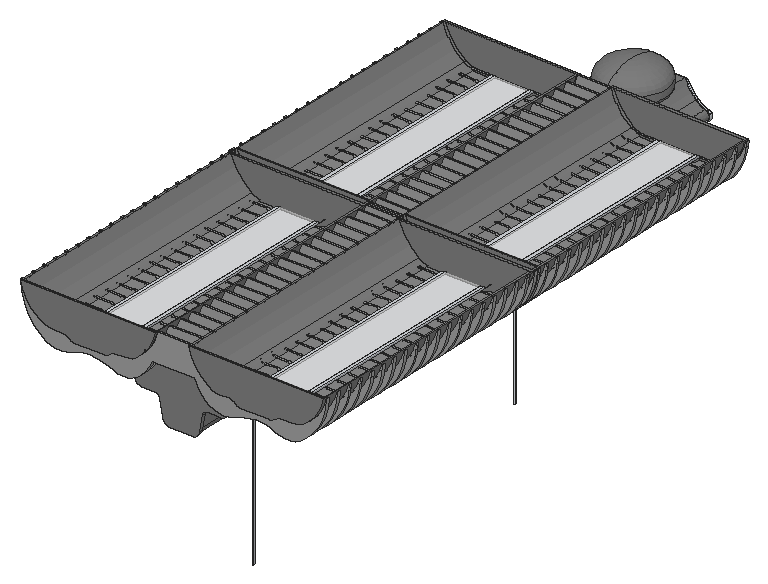
Revit family "0039275 Feilo Sylvania Lighting Fixtures SYLBAY LED 4000K 31KLM WIDE 1-10V PIR", category Lighting Fixtures, host Face, Revit 2017
Family settings
  Host = Face
  Round Connector Dimension = Use Diameter
  Part Type = Normal
  OmniClass Number = 23.80.70.00
  OmniClass Title = Lighting
  Cut with Voids When Loaded = No
  Light Source = Yes
  Shared = No
  Room Calculation Point = No
Parameters (values of type "0039275 SYLBAY LED 4000K 31KLM WIDE 1-10V PIR")
  WireRadius_FEILO = 1 mm
  Weight = "9.25 kg"
  Wattage Comments = "n/a"
  Wattage = 235 W
  WarrantyStartDate [instance] = "n/a"
  WarrantyGuarantorParts = "n/a"
  WarrantyDurationUnit = "n/a"
  WarrantyDurationParts = "n/a"
  WarrantyDescription = "n/a"
  built-in parameter 1150110 = 1 (stored number, unit not read)
  Voltage = 230 V
  URL = "http://www.sylvania-lighting.com"
  TypeName = "SYLBAY LED 4000K 31KLM WIDE 1-10V PIR"
  Type Image = <None>
  Type Comments = "n/a"
  built-in parameter 1114217 = 1 (stored number, unit not read)
  Tilt Angle = -90.00°
  built-in parameter 1150109 = 1 (stored number, unit not read)
  built-in parameter 1150134 = 12
  SuspensionHeight_FEILO [instance] = if(SurfaceMounted_FEILO, 107 mm, SuspensionHeightEntry_FEILO)  # 300 mm
  SuspensionHeightEntry_FEILO [instance] = 300 mm
  SurfaceMounted_FEILO [instance] = no
  built-in parameter 1150113 = 1 (stored number, unit not read)
  SerialNumber [instance] = "n/a"
  ReflectorMaterial = none
  PowerFactor = 0
  PowerConsumption = "235 W"
  Photometric Web File = "0039275.ies"
  NominalLength = 750 mm
  NominalHeight = 105 mm
  NominalDepth = 375 mm
  Name = "SYLBAY LED 4000K 31KLM WIDE 1-10V PIR"
  ModelReference = "SYLBAY LED 4000K 31KLM WIDE 1-10V PIR"
  ModelNumber = "0039275"
  Model = "SYLBAY LED 4000K 31KLM WIDE 1-10V PIR"
  Material = "aluminium housing"
  ManufacturerName = "Feilo Sylvania"
  Manufacturer = "Feilo Sylvania"
  LuminousEfficacy = "132.47 lm/W"
  built-in parameter 1150105 = 18309.6 (stored number, unit not read)
  Lumens = 31130.5 lm
  LuminaireType = ""
  built-in parameter 1150115 = 1 (stored number, unit not read)
  LightOutputRatio = "100"
  built-in parameter 1150137 = (empty or 0)
  built-in parameter 1150139 = (empty or 0)
  LampsType = Lamp  # "LED"
  LampNominalLuminous = "31130 lm"
  LampMacAdamStep = "n/a"
  LampColourTemperature = "4000 K"
  LampColourRenderingIndex = "80"
  built-in parameter 1150112 = 1 (stored number, unit not read)
  built-in parameter 1150114 = 1 (stored number, unit not read)
  Lamp = "LED"
  Keynote = "16500"
  InstallationDate [instance] = "n/a"
  InputVoltage = "220-240V~"
  InputNominalFrequency = "50/60 Hz"
  built-in parameter 1150132 = (empty or 0)
  built-in parameter 1150102 = (empty or 0)
  built-in parameter 1150107 = 4000 (stored number, unit not read)
  built-in parameter 1150138 = (empty or 0)
  IngressProtection = "IP65"
  ImpactProtectionIndex = "IK08"
  built-in parameter 1150106 = 183.1 (stored number, unit not read)
  IfcExportType = "IfcLightFixtureType"
  IfcExportAs = "IfcLightFixtureType"
  ExpectedLife = 50000
  Emit from Rectangle Width = 365 mm
  Emit from Rectangle Length = 645 mm
  Emit Shape Visible in Rendering = no
  ElectricShockClassification = "Class I"
  built-in parameter 1150104 = 12.307 (stored number, unit not read)
  DurationUnit = "hours"
  DocumentationLiterature = "http://www.sylvania-lighting.com/product/en-int/products/0039275"
  DimmingControlOptions = "Dimmable"
  Dimming Lamp Color Temperature Shift = <None>
  DiffuserMaterial = Diffuser-Sylvania-Sylbay-Transparent
  Description = "Specification industrial high bay luminaire, robust and durable, slim design, high output and efficiency, lightweight, aluminium housing with shatter-resistant polycarbonate lens optic, 31,100 lumens, 235W, 132lm/W, 4000K, 1750mA (x2), CRI 80, wide beam optic, 1-10V dimmable, integral PIR sensor with daylight/occupancy detection, IP65, IK08, 100,000 hrs (L90B10), (LxWxH) 665x375x105mm, 3 step MacAdam ellipse, 8.9kg, aluminium finish, Class 1, 220-240V, integrated LED, energy class: A++, A+, A."
  Default Elevation = 1219.2 mm
  CreatedOn = "17/11/2017"
  CreatedBy = ""
  Cost = 0
  Color Filter = 16777215
  built-in parameter 1114216 [instance] = (empty or 0)
  BodyMaterial = Body-Sylvania-Sylbay-Aluminium
  BarCode [instance] = "n/a"
  built-in parameter 1114218 = 1 (stored number, unit not read)
  built-in parameter 1150133 = 10 (stored number, unit not read)
  AssetType = "Fixed"
  AssetIdentifier [instance] = "n/a"
  Assembly Code = "D5020200"
  Apparent Load = 235 VA
  AccessoryMaterial = Accesory-Sylvania-Sylbay-White
Reference planes
  plane 1 "Center (Front/Back)": y = 0
  plane 2: z = 0
  plane 3 "Center (Left/Right)": x = 0
  plane 4: z = 300
  plane 5: y = -307
  plane 6: y = 200
  plane 7: y = -200
  plane 8: z = 237.522
  plane 9: z = 246.272
  plane 10: z = 227.522
  plane 11: z = 266.272
  plane 12: z = 256.272
  plane 13: z = 262.272
  plane 14: y = 427
  plane 15: y = -1
  plane 16: y = 1
  plane 17: y = -310
  plane 18: y = 430
  plane 19: z = 195
  plane 20: z = 193
  plane 21: y = 330
  plane 22: y = 380
  plane 23: y = 340
  plane 24: y = 420
  plane 25: z = 278.272
  plane 26: y = 341
  plane 27: y = 419
Forms (mm)
  Extrusion 1, solid, material "Accesory-Sylvania-Sylbay-White" <- "AccessoryMaterial"
    sketch origin (0, 0, 0) x (1, 0, 0) y (0, 0, 1)
      loop
        arc (-39.258, 246.272) -> (-44.534, 242.283) -> (-50.507, 239.445) r 32.519
        arc (-50.507, 239.445) -> (-54.463, 232.388) -> (-48, 227.522) r 6.147
        line (-48, 227.522) -> (-32.102, 227.522)
        arc (-32.102, 227.522) -> (-26.92, 225.616) -> (-24.206, 220.808) r 8
        line (-24.206, 220.808) -> (-21.094, 201.713)
        arc (-21.094, 201.713) -> (-18.38, 196.905) -> (-13.198, 195) r 8
        line (-13.198, 195) -> (13.198, 195)
        arc (13.198, 195) -> (18.393, 196.916) -> (21.099, 201.746) r 8
        line (21.099, 201.746) -> (24.206, 220.808)
        arc (24.206, 220.808) -> (26.92, 225.616) -> (32.102, 227.522) r 8
        line (32.102, 227.522) -> (48, 227.522)
        arc (48, 227.522) -> (54.463, 232.388) -> (50.507, 239.445) r 6.147
        arc (50.507, 239.445) -> (44.534, 242.283) -> (39.258, 246.272) r 32.519
        arc (39.258, 246.272) -> (31.199, 255.531) -> (25.254, 266.272) r 58.361
        line (25.254, 266.272) -> (-25.254, 266.272)
        arc (-25.254, 266.272) -> (-31.199, 255.531) -> (-39.258, 246.272) r 58.361
    from -427 to 307
  Extrusion 2, solid, material "Body-Sylvania-Sylbay-Aluminium" <- "BodyMaterial", detail levels medium+fine
    sketch origin (0, 0, 0) x (1, 0, 0) y (0, 0, 1)
      loop
        arc (-32.102, 225.522) -> (-28.215, 224.093) -> (-26.18, 220.487) r 6
        line (-26.18, 220.487) -> (-23.068, 201.392)
        arc (-23.068, 201.392) -> (-19.676, 195.381) -> (-13.198, 193) r 10
        line (-13.198, 193) -> (13.198, 193)
        arc (13.198, 193) -> (19.69, 195.393) -> (23.074, 201.428) r 10
        line (23.074, 201.428) -> (26.18, 220.487)
        arc (26.18, 220.487) -> (28.215, 224.093) -> (32.102, 225.522) r 6
        line (32.102, 225.522) -> (47.932, 225.522)
        arc (47.932, 225.522) -> (54.718, 228.451) -> (56.343, 235.661) r 8.147
        arc (56.343, 235.661) -> (55.292, 237.506) -> (53.445, 238.553) r 4
        arc (53.445, 238.553) -> (45.865, 241.518) -> (39.258, 246.272) r 32.519
        arc (39.258, 246.272) -> (32.89, 253.237) -> (27.728, 261.137) r 58.361
        arc (27.728, 261.137) -> (25.523, 263.429) -> (22.456, 264.272) r 6
        line (22.456, 264.272) -> (-22.456, 264.272)
        arc (-22.456, 264.272) -> (-25.523, 263.429) -> (-27.728, 261.137) r 6
        arc (-27.728, 261.137) -> (-32.89, 253.237) -> (-39.258, 246.272) r 58.361
        arc (-39.258, 246.272) -> (-45.865, 241.518) -> (-53.445, 238.553) r 32.519
        arc (-53.445, 238.553) -> (-55.292, 237.506) -> (-56.343, 235.661) r 4
        arc (-56.343, 235.661) -> (-54.718, 228.451) -> (-47.932, 225.522) r 8.147
        line (-47.932, 225.522) -> (-32.102, 225.522)
    from 307 to 310
  Extrusion 3, solid, detail levels medium+fine
    sketch origin (0, 0, 0) x (1, 0, 0) y (0, 0, 1)
      loop
        line (-47.932, 225.522) -> (-32.102, 225.522)
        arc (-32.102, 225.522) -> (-28.215, 224.093) -> (-26.18, 220.487) r 6
        line (-26.18, 220.487) -> (-23.068, 201.392)
        arc (-23.068, 201.392) -> (-19.676, 195.381) -> (-13.198, 193) r 10
        line (-13.198, 193) -> (13.198, 193)
        arc (13.198, 193) -> (19.69, 195.393) -> (23.074, 201.428) r 10
        line (23.074, 201.428) -> (26.18, 220.487)
        arc (26.18, 220.487) -> (28.215, 224.093) -> (32.102, 225.522) r 6
        line (32.102, 225.522) -> (47.932, 225.522)
        arc (47.932, 225.522) -> (54.718, 228.451) -> (56.343, 235.661) r 8.147
        arc (56.343, 235.661) -> (55.292, 237.506) -> (53.445, 238.553) r 4
        arc (53.445, 238.553) -> (45.865, 241.518) -> (39.258, 246.272) r 32.519
        arc (39.258, 246.272) -> (32.89, 253.237) -> (27.728, 261.137) r 58.361
        arc (27.728, 261.137) -> (25.523, 263.429) -> (22.456, 264.272) r 6
        line (22.456, 264.272) -> (-22.456, 264.272)
        arc (-22.456, 264.272) -> (-25.523, 263.429) -> (-27.728, 261.137) r 6
        arc (-27.728, 261.137) -> (-32.89, 253.237) -> (-39.258, 246.272) r 58.361
        arc (-39.258, 246.272) -> (-45.865, 241.518) -> (-53.445, 238.553) r 32.519
        arc (-53.445, 238.553) -> (-55.292, 237.506) -> (-56.343, 235.661) r 4
        arc (-56.343, 235.661) -> (-54.718, 228.451) -> (-47.932, 225.522) r 8.147
    from -430 to -427
  Extrusion 4, solid
    sketch origin (-316.531, -4572, 195) x (-1, 0, 0) y (0, -1, 0)
      loop
        circle (-316.531, -4772) r 1
      loop
        circle (-316.531, -4372) r 1
    from 0 to -195
  Revolve 5, solid, material "Body-Sylvania-Sylbay-Aluminium" <- "BodyMaterial"
    sketch origin (0, 0, 0) x (0, 1, 0) y (0, 0, 1)
      loop
        arc (340.771, 269.022) -> (341.729, 267.064) -> (343.76, 266.272) r 3
        line (343.76, 266.272) -> (380, 266.272) -> (380, 278.272) -> (340, 278.272) -> (340.771, 269.022)
      axis (380, 266.272) -> (380, 278.272)
    angle from 360 to 0
  Revolve 6, solid, material "Accesory-Sylvania-Sylbay-White" <- "AccessoryMaterial"
    sketch origin (0, 0, 0) x (0, 1, 0) y (0, 0, 1)
      loop
        line (340, 278.272) -> (380, 278.272) -> (380, 300)
        spline (380, 300) -> (374.779, 299.814) -> (369.647, 299.26) -> (364.693, 298.346) -> (360, 297.089) -> (355.65, 295.51) -> (351.716, 293.636) -> (348.266, 291.499) -> (345.359, 289.136) -> (343.045, 286.587) -> (341.363, 283.895) -> (340.342, 281.108) -> (340, 278.272)
      axis (380, 278.272) -> (380, 300)
    angle from 360 to 0
Dimensions and locks
  "SuspensionHeight_FEILO": plane 4 to plane 2
  equal spacing: plane 7, plane 1 "Center (Front/Back)", plane 6
  locked: plane 1 "Center (Front/Back)" to plane 6 at 200
  locked: plane 4 to plane 8 at 62.478
  locked: plane 4 to plane 9 at 53.728
  plane 4 to plane 10 = 72.478 mm
  locked: plane 4 to plane 11 at 33.728
  locked: plane 12 to plane 9 at 10
  locked: plane 13 to plane 12 at 6
  locked: plane 3 "Center (Left/Right)" to Extrusion 1 sketch curve at 48.447
  locked: Extrusion 1 sketch curve to plane 3 "Center (Left/Right)" at 48.447
  locked: plane 4 to Extrusion 1 sketch curve at 66.347  (x2)
  Extrusion 1 sketch curve to plane 3 "Center (Left/Right)" to Extrusion 1 sketch curve = 13.198 mm locked, 13.198 mm locked
  Extrusion 1 sketch curve to plane 3 "Center (Left/Right)" to Extrusion 1 sketch curve = 32.102 mm locked, 32.102 mm locked
  locked: plane 4 to Extrusion 1 sketch curve at 97  (x2)
  locked: plane 4 to Extrusion 1 sketch curve at 80.478  (x2)
  equal spacing: plane 15, plane 1 "Center (Front/Back)", plane 16
  locked: plane 10 to Extrusion 2 sketch curve at 2
  plane 10 to Extrusion 2 sketch curve = 2 mm
  locked: Extrusion 2 sketch curve to Extrusion 1 at 2  (x2)
  locked: Extrusion 2 sketch curve to plane 3 "Center (Left/Right)" at 52.466
  locked: plane 3 "Center (Left/Right)" to Extrusion 2 sketch curve at 52.466
  locked: plane 4 to Extrusion 2 sketch curve at 65.325  (x2)
  locked: plane 4 to Extrusion 2 sketch curve at 41.728  (x2)
  locked: plane 3 "Center (Left/Right)" to Extrusion 2 sketch curve at 22.456
  locked: Extrusion 2 sketch curve to plane 3 "Center (Left/Right)" at 22.456
  locked: plane 4 to plane 19 at 105
  locked: plane 19 to plane 20 at 2
  locked: plane 1 "Center (Front/Back)" to plane 18 at 430
  locked: plane 14 to plane 18 at 3
  locked: plane 17 to plane 1 "Center (Front/Back)" at 310
  locked: plane 17 to plane 5 at 3
  locked: plane 21 to plane 18 at 100
  locked: plane 21 to plane 22 at 50
  equal spacing: plane 23, plane 22, plane 24
  locked: plane 23 to plane 22 at 40
  equal spacing: plane 26, plane 22, plane 27
  locked: plane 23 to plane 26 at 1
  locked: plane 25 to plane 11 at 12
  locked: Revolve 5 sketch curve to plane 11 at 3
  locked: Revolve 5 sketch curve to plane 22 at 36.24
  locked: plane 1 "Center (Front/Back)" to plane 16 at 1
  "WireRadius_FEILO": radius of Extrusion 4 sketch curve  (x2)
  aligned and locked: plane 2 to host face
  aligned and locked: level to host face
  aligned and locked: plane 10 to Extrusion 1 sketch curve
  aligned and locked: plane 5 to Extrusion 1
  aligned and locked: Extrusion 1 to plane 14
  aligned and locked: imposter light to plane 4
  aligned and locked: plane 3 "Center (Left/Right)" to imposter light
  aligned and locked: plane 1 "Center (Front/Back)" to imposter light
  aligned and locked: plane 17 to Extrusion 2
  aligned and locked: Extrusion 2 to plane 5
  aligned and locked: Extrusion 3 sketch curve to Extrusion 2  (x15)
  aligned and locked: Extrusion 3 to Extrusion 1
  aligned and locked: Extrusion 3 to plane 18
  aligned and locked: Extrusion 1 sketch curve to plane 19
  aligned and locked: plane 7 to Extrusion 4 sketch curve
  aligned and locked: plane 3 "Center (Left/Right)" to Extrusion 4 sketch curve  (x2)
  aligned and locked: plane 6 to Extrusion 4 sketch curve
  aligned and locked: Extrusion 1 to Extrusion 4
  aligned and locked: Extrusion 4 to level
  aligned and locked: plane 20 to Extrusion 2 sketch curve
  aligned and locked: Revolve 5 sketch curve to plane 11
  aligned and locked: Revolve 5 sketch curve to plane 22  (x2)
  aligned and locked: Revolve 5 sketch curve to plane 25
  aligned and locked: Revolve 6 sketch curve to plane 22  (x2)
  aligned and locked: Revolve 6 sketch curve to Revolve 5
  aligned and locked: plane 4 to Revolve 6 sketch curve
  aligned and locked: plane 22 to Revolve 6 sketch curve
  aligned and locked: plane 3 "Center (Left/Right)" to nested 1
  aligned and locked: plane 3 "Center (Left/Right)" to nested 22
  aligned and locked: plane 15 to nested 1
  aligned and locked: plane 16 to nested 22
Automatic sketch dimensions
  host sketch curve to host sketch curve = 2438.4 mm  (x2)
  Extrusion 1 sketch curve to plane 9 = 0 mm  (x4)
  Extrusion 1 sketch curve to plane 10 = 0 mm
  plane 11 to Extrusion 1 sketch curve = 3.811 mm
  Extrusion 1 sketch curve to Extrusion 1 sketch curve = 36.151 mm  (x2)
  Extrusion 1 sketch curve to plane 4 = 10.994 mm  (x2)
  Extrusion 1 sketch curve to plane 11 = 0 mm
  plane 9 to Extrusion 1 sketch curve = 23.811 mm
  Extrusion 1 sketch curve to plane 10 = 6.713 mm  (x2)
  plane 19 to Extrusion 1 sketch curve = 6.713 mm
  Extrusion 3 sketch curve to plane 10 = 7.035 mm  (x2)
  plane 19 to Extrusion 3 sketch curve = 6.392 mm
  plane 19 to Extrusion 1 sketch curve = 6.746 mm
  plane 19 to Extrusion 3 sketch curve = 6.428 mm
  plane 3 "Center (Left/Right)" to Extrusion 1 sketch curve = 25.254 mm
  Extrusion 1 sketch curve to Extrusion 1 sketch curve = 0.447 mm  (x2)
  Extrusion 1 sketch curve to Extrusion 1 sketch curve = 12.959 mm
  Extrusion 2 sketch curve to plane 9 = 0 mm  (x4)
  plane 11 to Extrusion 2 sketch curve = 3.811 mm  (x2)
  Extrusion 2 sketch curve to Extrusion 2 sketch curve = 8.939 mm  (x2)
  Extrusion 2 sketch curve to plane 4 = 10.994 mm  (x2)
  Extrusion 2 sketch curve to Extrusion 2 sketch curve = 17.6 mm  (x2)
  Extrusion 2 sketch curve to Extrusion 2 sketch curve = 4.02 mm  (x2)
  Extrusion 2 sketch curve to Extrusion 2 sketch curve = 0.514 mm
  Extrusion 2 sketch curve to plane 10 = 8 mm
  Extrusion 2 sketch curve to plane 10 = 7.035 mm  (x2)
  plane 19 to Extrusion 2 sketch curve = 6.392 mm
  plane 19 to Extrusion 2 sketch curve = 8 mm
  plane 3 "Center (Left/Right)" to Extrusion 2 sketch curve = 13.198 mm
  plane 19 to Extrusion 2 sketch curve = 6.428 mm
  Extrusion 2 sketch curve to Extrusion 2 sketch curve = 5.922 mm
  Extrusion 2 sketch curve to Extrusion 2 sketch curve = 4.534 mm
  Extrusion 2 sketch curve to plane 8 = 3.869 mm  (x2)
  Extrusion 2 sketch curve to plane 11 = 2 mm
  Extrusion 2 sketch curve to Extrusion 2 sketch curve = 0 mm  (x2)
  Revolve 6 sketch curve to plane 23 = 0 mm
  Revolve 6 sketch curve to level = 309.6 mm
  plane 4 to Revolve 6 sketch curve = 2138.4 mm
  Revolve 5 sketch curve to plane 23 = 0 mm
  plane 26 to Revolve 5 sketch curve = 0.229 mm
  Revolve 5 sketch curve to level = 309.6 mm
  plane 4 to Revolve 5 sketch curve = 2138.4 mm
Nested families
  nested 1: "SylbayBody" at (0, 159, 266.272), type "SylbayBody"
  nested 2: "SlybayRib" at (0, 303.453, 300), type "SylbayRib"
  nested 3: "SlybayRib" at (0, 286.406, 300), type "SylbayRib"
  nested 4: "SlybayRib" at (0, 269.358, 300), type "SylbayRib"
  nested 5: "SlybayRib" at (0, 252.311, 300), type "SylbayRib"
  nested 6: "SlybayRib" at (0, 235.264, 300), type "SylbayRib"
  nested 7: "SlybayRib" at (0, 218.217, 300), type "SylbayRib"
  nested 8: "SlybayRib" at (0, 201.169, 300), type "SylbayRib"
  nested 9: "SlybayRib" at (0, 184.122, 300), type "SylbayRib"
  nested 10: "SlybayRib" at (0, 320.5, 300), type "SylbayRib"
  nested 11: "SlybayRib" at (0, 14.547, 300), type "SylbayRib"
  nested 12: "SlybayRib" at (0, 31.594, 300), type "SylbayRib"
  nested 13: "SlybayRib" at (0, 48.642, 300), type "SylbayRib"
  nested 14: "SlybayRib" at (0, 65.689, 300), type "SylbayRib"
  nested 15: "SlybayRib" at (0, 82.736, 300), type "SylbayRib"
  nested 16: "SlybayRib" at (0, 99.783, 300), type "SylbayRib"
  nested 17: "SlybayRib" at (0, 116.831, 300), type "SylbayRib"
  nested 18: "SlybayRib" at (0, 133.878, 300), type "SylbayRib"
  nested 19: "SlybayRib" at (0, -2.5, 300), type "SylbayRib"
  nested 20: "SlybayRib" at (0, 167.075, 300), type "SylbayRib"
  nested 21: "SlybayRib" at (0, 150.925, 300), type "SylbayRib"
  nested 22: "SylbayBody" at (0, -159, 266.272), type "SylbayBody"
  nested 23: "SlybayRib" at (0, -14.547, 300), type "SylbayRib"
  nested 24: "SlybayRib" at (0, -31.594, 300), type "SylbayRib"
  nested 25: "SlybayRib" at (0, -48.642, 300), type "SylbayRib"
  nested 26: "SlybayRib" at (0, -65.689, 300), type "SylbayRib"
  nested 27: "SlybayRib" at (0, -82.736, 300), type "SylbayRib"
  nested 28: "SlybayRib" at (0, -99.783, 300), type "SylbayRib"
  nested 29: "SlybayRib" at (0, -116.831, 300), type "SylbayRib"
  nested 30: "SlybayRib" at (0, -133.878, 300), type "SylbayRib"
  nested 31: "SlybayRib" at (0, 2.5, 300), type "SylbayRib"
  nested 32: "SlybayRib" at (0, -303.453, 300), type "SylbayRib"
  nested 33: "SlybayRib" at (0, -286.406, 300), type "SylbayRib"
  nested 34: "SlybayRib" at (0, -269.358, 300), type "SylbayRib"
  nested 35: "SlybayRib" at (0, -252.311, 300), type "SylbayRib"
  nested 36: "SlybayRib" at (0, -235.264, 300), type "SylbayRib"
  nested 37: "SlybayRib" at (0, -218.217, 300), type "SylbayRib"
  nested 38: "SlybayRib" at (0, -201.169, 300), type "SylbayRib"
  nested 39: "SlybayRib" at (0, -184.122, 300), type "SylbayRib"
  nested 40: "SlybayRib" at (0, -320.5, 300), type "SylbayRib"
  nested 41: "SlybayRib" at (0, -150.925, 300), type "SylbayRib"
  nested 42: "SlybayRib" at (0, -167.075, 300), type "SylbayRib"
Connectors
  electrical at (0, 0, 0), driven by "Apparent Load"
    settings: index 1, voltage 230 V, apparent load 235 VA, apparent load phase1 0 VA, apparent load phase2 0 VA, apparent load phase3 0 VA, power factor 0, load classification "Lighting", number of poles 1, system type 30, power factor state 1, is connector primary yes, connector utility no, sub classification motor no, connector description ""
Definition of nested family "SylbayBody"
  Parameters (values of type "SylbayBody")
    URL = "http://www.feilosylvania.com"
    Type Image = (empty or 0)
    Type Comments = "n/a"
    RibLast_FEILO = 161.5 mm
    RibDistance_FEILO = RibLast_FEILO / 10  # 16.15 mm
    ReflectorMaterial = none
    Model = ""
    Manufacturer = "Feilo Sylvania"
    Keynote = ""
    DiffuserMaterial = none
    Description = "n/a"
    Default Elevation = 1219.2 mm
    Cost = 0
    BodyMaterial = none
    Assembly Code = "D5020200"
    AccessoryMaterial = none
  Reference planes
    plane 1 "Center (Front/Back)": y = 0
    plane 2: z = 0
    plane 3 "Center (Left/Right)": x = 0
    plane 4: x = -187.5
    plane 5: x = 187.5
    plane 6: z = 33.728
    plane 7: y = -165
    plane 8: y = 165
    plane 9: y = -148
    plane 10: y = 160
    plane 11: y = -160
    plane 12: z = -28.75
    plane 13: z = -20
    plane 14: x = -102.75
    plane 15: x = 102.75
    plane 16: z = 0
    plane 17: x = -185.5
    plane 18: x = -20
    plane 19: z = -10
    plane 20: x = -122.75
    plane 21: x = -82.75
    plane 22: z = -4
    plane 23: x = -130.75
    plane 24: x = -74.75
    plane 25: x = -145.75
    plane 26: x = -59.75
    plane 27: x = -25.3
    plane 28: x = -183.5
    plane 29: x = -22
    plane 30: y = -163
    plane 31: y = 163
    plane 32: x = 25.3
    plane 33: x = -48
    plane 34: x = 48
    plane 35: x = 20
    plane 36: y = 148
    plane 37: y = -161.5
    plane 38: y = 161.5
    plane 39: y = -8.075
    plane 40: y = 8.075
    plane 41: y = -151
    plane 42: y = 151
    plane 43: y = 149
    plane 44: y = 152
    plane 45: z = -2
    plane 46: z = 0
  Forms (mm)
    Extrusion 1, solid
      sketch origin (4.2, 0, 0) x (1, 0, 0) y (0, 1, 0)
        loop
          line (-1219.2, 1219.2) -> (-1219.2, -1219.2) -> (1219.2, -1219.2) -> (1219.2, 1219.2) -> (-1219.2, 1219.2)
      from 0 to -304.8
    Extrusion 2, solid, material <- "BodyMaterial", detail levels coarse+medium
      sketch origin (0, 0, -234.25) x (1, 0, 0) y (0, 0, 1)
        loop
          arc (-187.5, 267.978) -> (-180.003, 237.85) -> (-159.829, 214.25) r 67.598
          arc (-159.829, 214.25) -> (-143.258, 206.411) -> (-125.169, 209.379) r 30.791
          arc (-125.169, 209.379) -> (-113.533, 213.402) -> (-101.25, 214.25) r 46.777
          arc (-101.25, 214.25) -> (-87.202, 212.214) -> (-73.664, 207.942) r 87.865
          arc (-73.664, 207.942) -> (-55.541, 206.076) -> (-39.258, 214.25) r 32.519
          arc (-39.258, 214.25) -> (-31.199, 223.509) -> (-25.254, 234.25) r 58.361
          line (-25.254, 234.25) -> (25.254, 234.25)
          arc (25.254, 234.25) -> (31.199, 223.509) -> (39.258, 214.25) r 58.361
          arc (39.258, 214.25) -> (55.541, 206.076) -> (73.664, 207.942) r 32.519
          arc (73.664, 207.942) -> (87.202, 212.214) -> (101.25, 214.25) r 87.865
          arc (101.25, 214.25) -> (113.533, 213.402) -> (125.169, 209.379) r 46.777
          arc (125.169, 209.379) -> (143.258, 206.411) -> (159.829, 214.25) r 30.791
          arc (159.829, 214.25) -> (180.003, 237.85) -> (187.5, 267.978) r 67.598
          line (187.5, 267.978) -> (185.5, 267.978)
          arc (185.5, 267.978) -> (176.042, 248.665) -> (160.084, 234.25) r 56.823
          arc (160.084, 234.25) -> (153.191, 231.269) -> (145.75, 230.25) r 27.682
          line (145.75, 230.25) -> (132.583, 230.25)
          arc (132.583, 230.25) -> (129.421, 229.737) -> (126.583, 228.25) r 10
          line (126.583, 228.25) -> (123.917, 226.25)
          arc (123.917, 226.25) -> (121.079, 224.763) -> (117.917, 224.25) r 10
          line (117.917, 224.25) -> (84.583, 224.25)
          arc (84.583, 224.25) -> (81.421, 224.763) -> (78.583, 226.25) r 10
          line (78.583, 226.25) -> (75.917, 228.25)
          arc (75.917, 228.25) -> (73.079, 229.737) -> (69.917, 230.25) r 10
          line (69.917, 230.25) -> (58.25, 230.25)
          arc (58.25, 230.25) -> (51.55, 231.273) -> (45.461, 234.25) r 22.443
          arc (45.461, 234.25) -> (30.027, 249.073) -> (20, 267.978) r 67.602
          line (20, 267.978) -> (-20, 267.978)
          arc (-20, 267.978) -> (-30.027, 249.073) -> (-45.461, 234.25) r 67.602
          arc (-45.461, 234.25) -> (-51.55, 231.273) -> (-58.25, 230.25) r 22.443
          line (-58.25, 230.25) -> (-69.917, 230.25)
          arc (-69.917, 230.25) -> (-73.079, 229.737) -> (-75.917, 228.25) r 10
          line (-75.917, 228.25) -> (-78.583, 226.25)
          arc (-78.583, 226.25) -> (-81.421, 224.763) -> (-84.583, 224.25) r 10
          line (-84.583, 224.25) -> (-117.917, 224.25)
          arc (-117.917, 224.25) -> (-121.079, 224.763) -> (-123.917, 226.25) r 10
          line (-123.917, 226.25) -> (-126.583, 228.25)
          arc (-126.583, 228.25) -> (-129.421, 229.737) -> (-132.583, 230.25) r 10
          line (-132.583, 230.25) -> (-145.75, 230.25)
          arc (-145.75, 230.25) -> (-153.191, 231.269) -> (-160.084, 234.25) r 27.682
          arc (-160.084, 234.25) -> (-176.042, 248.665) -> (-185.5, 267.978) r 56.823
          line (-185.5, 267.978) -> (-187.5, 267.978)
      from 160 to -160
    Extrusion 3, solid, material <- "BodyMaterial"
      sketch origin (0, 0, -234.25) x (1, 0, 0) y (0, 0, 1)
        loop
          arc (-145.75, 230.25) -> (-152.168, 231.276) -> (-157.947, 234.25) r 20.597
          arc (-157.947, 234.25) -> (-173.175, 249.257) -> (-183.5, 267.978) r 74.319
          line (-183.5, 267.978) -> (-185.5, 267.978)
          arc (-185.5, 267.978) -> (-176.042, 248.665) -> (-160.084, 234.25) r 56.823
          arc (-160.084, 234.25) -> (-153.191, 231.269) -> (-145.75, 230.25) r 27.682
        loop
          arc (-45.461, 234.25) -> (-30.027, 249.073) -> (-20, 267.978) r 67.602
          line (-20, 267.978) -> (-22, 267.978)
          arc (-22, 267.978) -> (-31.964, 249.398) -> (-46.63, 234.25) r 76.357
          arc (-46.63, 234.25) -> (-52.105, 231.278) -> (-58.25, 230.25) r 18.878
          arc (-58.25, 230.25) -> (-51.55, 231.273) -> (-45.461, 234.25) r 22.443
        loop
          arc (145.75, 230.25) -> (153.191, 231.269) -> (160.084, 234.25) r 27.682
          arc (160.084, 234.25) -> (176.042, 248.665) -> (185.5, 267.978) r 56.823
          line (185.5, 267.978) -> (183.5, 267.978)
          arc (183.5, 267.978) -> (173.175, 249.257) -> (157.947, 234.25) r 74.319
          arc (157.947, 234.25) -> (152.168, 231.276) -> (145.75, 230.25) r 20.597
        loop
          arc (45.461, 234.25) -> (51.55, 231.273) -> (58.25, 230.25) r 22.443
          arc (58.25, 230.25) -> (52.105, 231.278) -> (46.63, 234.25) r 18.878
          arc (46.63, 234.25) -> (31.964, 249.398) -> (22, 267.978) r 76.357
          line (22, 267.978) -> (20, 267.978)
          arc (20, 267.978) -> (30.027, 249.073) -> (45.461, 234.25) r 67.602
      from -160 to 160
    Extrusion 4, solid, material <- "BodyMaterial"
      sketch origin (0, -165, -843.85) x (0, 0, -1) y (1, 0, 0)
        loop
          arc (-837.85, -132.583) -> (-837.439, -130.054) -> (-836.25, -127.783) r 8
          line (-836.25, -127.783) -> (-834.25, -125.117)
          arc (-834.25, -125.117) -> (-832.466, -121.711) -> (-831.85, -117.917) r 12
          line (-831.85, -117.917) -> (-831.85, -84.583)
          arc (-831.85, -84.583) -> (-832.466, -80.789) -> (-834.25, -77.383) r 12
          line (-834.25, -77.383) -> (-836.25, -74.717)
          arc (-836.25, -74.717) -> (-837.439, -72.446) -> (-837.85, -69.917) r 8
          line (-837.85, -69.917) -> (-837.85, -58.25)
          arc (-837.85, -58.25) -> (-838.965, -50.953) -> (-842.206, -44.322) r 24.443
          arc (-842.206, -44.322) -> (-857.666, -28.923) -> (-877.578, -20) r 60.581
          line (-877.578, -20) -> (-877.578, -22)
          arc (-877.578, -22) -> (-858.998, -31.964) -> (-843.85, -46.63) r 76.357
          arc (-843.85, -46.63) -> (-840.878, -52.105) -> (-839.85, -58.25) r 18.878
          line (-839.85, -58.25) -> (-839.85, -69.917)
          arc (-839.85, -69.917) -> (-839.337, -73.079) -> (-837.85, -75.917) r 10
          line (-837.85, -75.917) -> (-835.85, -78.583)
          arc (-835.85, -78.583) -> (-834.363, -81.421) -> (-833.85, -84.583) r 10
          line (-833.85, -84.583) -> (-833.85, -117.917)
          arc (-833.85, -117.917) -> (-834.363, -121.079) -> (-835.85, -123.917) r 10
          line (-835.85, -123.917) -> (-837.85, -126.583)
          arc (-837.85, -126.583) -> (-839.337, -129.421) -> (-839.85, -132.583) r 10
          line (-839.85, -132.583) -> (-839.85, -145.75)
          arc (-839.85, -145.75) -> (-840.876, -152.168) -> (-843.85, -157.947) r 20.597
          arc (-843.85, -157.947) -> (-858.857, -173.175) -> (-877.578, -183.5) r 74.319
          line (-877.578, -183.5) -> (-877.578, -185.5)
          arc (-877.578, -185.5) -> (-857.235, -177.123) -> (-842.139, -161.119) r 52.287
          arc (-842.139, -161.119) -> (-838.942, -153.728) -> (-837.85, -145.75) r 29.682
          line (-837.85, -145.75) -> (-837.85, -132.583)
        loop
          line (-837.85, 132.583) -> (-837.85, 145.75)
          arc (-837.85, 145.75) -> (-838.942, 153.728) -> (-842.139, 161.119) r 29.682
          arc (-842.139, 161.119) -> (-857.235, 177.123) -> (-877.578, 185.5) r 52.287
          line (-877.578, 185.5) -> (-877.578, 183.5)
          arc (-877.578, 183.5) -> (-858.857, 173.175) -> (-843.85, 157.947) r 74.319
          arc (-843.85, 157.947) -> (-840.876, 152.168) -> (-839.85, 145.75) r 20.597
          line (-839.85, 145.75) -> (-839.85, 132.583)
          arc (-839.85, 132.583) -> (-839.337, 129.421) -> (-837.85, 126.583) r 10
          line (-837.85, 126.583) -> (-835.85, 123.917)
          arc (-835.85, 123.917) -> (-834.363, 121.079) -> (-833.85, 117.917) r 10
          line (-833.85, 117.917) -> (-833.85, 84.583)
          arc (-833.85, 84.583) -> (-834.363, 81.421) -> (-835.85, 78.583) r 10
          line (-835.85, 78.583) -> (-837.85, 75.917)
          arc (-837.85, 75.917) -> (-839.337, 73.079) -> (-839.85, 69.917) r 10
          line (-839.85, 69.917) -> (-839.85, 58.25)
          arc (-839.85, 58.25) -> (-840.878, 52.105) -> (-843.85, 46.63) r 18.878
          arc (-843.85, 46.63) -> (-858.998, 31.964) -> (-877.578, 22) r 76.357
          line (-877.578, 22) -> (-877.578, 20)
          arc (-877.578, 20) -> (-857.666, 28.923) -> (-842.206, 44.322) r 60.581
          arc (-842.206, 44.322) -> (-838.965, 50.953) -> (-837.85, 58.25) r 24.443
          line (-837.85, 58.25) -> (-837.85, 69.917)
          arc (-837.85, 69.917) -> (-837.439, 72.446) -> (-836.25, 74.717) r 8
          line (-836.25, 74.717) -> (-834.25, 77.383)
          arc (-834.25, 77.383) -> (-832.466, 80.789) -> (-831.85, 84.583) r 12
          line (-831.85, 84.583) -> (-831.85, 117.917)
          arc (-831.85, 117.917) -> (-832.466, 121.711) -> (-834.25, 125.117) r 12
          line (-834.25, 125.117) -> (-836.25, 127.783)
          arc (-836.25, 127.783) -> (-837.439, 130.054) -> (-837.85, 132.583) r 8
      from -2 to -5
    Extrusion 5, solid, material <- "BodyMaterial"
      sketch origin (0, 165, -843.85) x (0, 0, -1) y (1, 0, 0)
        loop
          line (-831.85, -117.917) -> (-831.85, -84.583)
          arc (-831.85, -84.583) -> (-832.466, -80.789) -> (-834.25, -77.383) r 12
          line (-834.25, -77.383) -> (-836.25, -74.717)
          arc (-836.25, -74.717) -> (-837.439, -72.446) -> (-837.85, -69.917) r 8
          line (-837.85, -69.917) -> (-837.85, -58.25)
          arc (-837.85, -58.25) -> (-838.965, -50.953) -> (-842.206, -44.322) r 24.443
          arc (-842.206, -44.322) -> (-857.666, -28.923) -> (-877.578, -20) r 60.581
          line (-877.578, -20) -> (-877.578, -22)
          arc (-877.578, -22) -> (-858.998, -31.964) -> (-843.85, -46.63) r 76.357
          arc (-843.85, -46.63) -> (-840.878, -52.105) -> (-839.85, -58.25) r 18.878
          line (-839.85, -58.25) -> (-839.85, -69.917)
          arc (-839.85, -69.917) -> (-839.337, -73.079) -> (-837.85, -75.917) r 10
          line (-837.85, -75.917) -> (-835.85, -78.583)
          arc (-835.85, -78.583) -> (-834.363, -81.421) -> (-833.85, -84.583) r 10
          line (-833.85, -84.583) -> (-833.85, -117.917)
          arc (-833.85, -117.917) -> (-834.363, -121.079) -> (-835.85, -123.917) r 10
          line (-835.85, -123.917) -> (-837.85, -126.583)
          arc (-837.85, -126.583) -> (-839.337, -129.421) -> (-839.85, -132.583) r 10
          line (-839.85, -132.583) -> (-839.85, -145.75)
          arc (-839.85, -145.75) -> (-840.876, -152.168) -> (-843.85, -157.947) r 20.597
          arc (-843.85, -157.947) -> (-858.857, -173.175) -> (-877.578, -183.5) r 74.319
          line (-877.578, -183.5) -> (-877.578, -185.5)
          arc (-877.578, -185.5) -> (-857.235, -177.123) -> (-842.139, -161.119) r 52.287
          arc (-842.139, -161.119) -> (-838.942, -153.728) -> (-837.85, -145.75) r 29.682
          line (-837.85, -145.75) -> (-837.85, -132.583)
          arc (-837.85, -132.583) -> (-837.439, -130.054) -> (-836.25, -127.783) r 8
          line (-836.25, -127.783) -> (-834.25, -125.117)
          arc (-834.25, -125.117) -> (-832.466, -121.711) -> (-831.85, -117.917) r 12
        loop
          line (-831.85, 84.583) -> (-831.85, 117.917)
          arc (-831.85, 117.917) -> (-832.466, 121.711) -> (-834.25, 125.117) r 12
          line (-834.25, 125.117) -> (-836.25, 127.783)
          arc (-836.25, 127.783) -> (-837.439, 130.054) -> (-837.85, 132.583) r 8
          line (-837.85, 132.583) -> (-837.85, 145.75)
          arc (-837.85, 145.75) -> (-838.942, 153.728) -> (-842.139, 161.119) r 29.682
          arc (-842.139, 161.119) -> (-857.235, 177.123) -> (-877.578, 185.5) r 52.287
          line (-877.578, 185.5) -> (-877.578, 183.5)
          arc (-877.578, 183.5) -> (-858.857, 173.175) -> (-843.85, 157.947) r 74.319
          arc (-843.85, 157.947) -> (-840.876, 152.168) -> (-839.85, 145.75) r 20.597
          line (-839.85, 145.75) -> (-839.85, 132.583)
          arc (-839.85, 132.583) -> (-839.337, 129.421) -> (-837.85, 126.583) r 10
          line (-837.85, 126.583) -> (-835.85, 123.917)
          arc (-835.85, 123.917) -> (-834.363, 121.079) -> (-833.85, 117.917) r 10
          line (-833.85, 117.917) -> (-833.85, 84.583)
          arc (-833.85, 84.583) -> (-834.363, 81.421) -> (-835.85, 78.583) r 10
          line (-835.85, 78.583) -> (-837.85, 75.917)
          arc (-837.85, 75.917) -> (-839.337, 73.079) -> (-839.85, 69.917) r 10
          line (-839.85, 69.917) -> (-839.85, 58.25)
          arc (-839.85, 58.25) -> (-840.878, 52.105) -> (-843.85, 46.63) r 18.878
          arc (-843.85, 46.63) -> (-858.998, 31.964) -> (-877.578, 22) r 76.357
          line (-877.578, 22) -> (-877.578, 20)
          arc (-877.578, 20) -> (-857.666, 28.923) -> (-842.206, 44.322) r 60.581
          arc (-842.206, 44.322) -> (-838.965, 50.953) -> (-837.85, 58.25) r 24.443
          line (-837.85, 58.25) -> (-837.85, 69.917)
          arc (-837.85, 69.917) -> (-837.439, 72.446) -> (-836.25, 74.717) r 8
          line (-836.25, 74.717) -> (-834.25, 77.383)
          arc (-834.25, 77.383) -> (-832.466, 80.789) -> (-831.85, 84.583) r 12
      from 2 to 5
    Extrusion 6, solid, material <- "BodyMaterial"
      sketch origin (0, 165, -843.85) x (0, 0, -1) y (1, 0, 0)
        loop
          arc (-842.206, -44.322) -> (-857.666, -28.923) -> (-877.578, -20) r 60.581
          line (-877.578, -20) -> (-877.578, -185.5)
          arc (-877.578, -185.5) -> (-857.235, -177.123) -> (-842.139, -161.119) r 52.287
          arc (-842.139, -161.119) -> (-838.942, -153.728) -> (-837.85, -145.75) r 29.682
          line (-837.85, -145.75) -> (-837.85, -132.583)
          arc (-837.85, -132.583) -> (-837.439, -130.054) -> (-836.25, -127.783) r 8
          line (-836.25, -127.783) -> (-834.25, -125.117)
          arc (-834.25, -125.117) -> (-832.466, -121.711) -> (-831.85, -117.917) r 12
          line (-831.85, -117.917) -> (-831.85, -84.583)
          arc (-831.85, -84.583) -> (-832.466, -80.789) -> (-834.25, -77.383) r 12
          line (-834.25, -77.383) -> (-836.25, -74.717)
          arc (-836.25, -74.717) -> (-837.439, -72.446) -> (-837.85, -69.917) r 8
          line (-837.85, -69.917) -> (-837.85, -58.25)
          arc (-837.85, -58.25) -> (-838.965, -50.953) -> (-842.206, -44.322) r 24.443
        loop
          arc (-877.578, 20) -> (-857.666, 28.923) -> (-842.206, 44.322) r 60.581
          arc (-842.206, 44.322) -> (-838.965, 50.953) -> (-837.85, 58.25) r 24.443
          line (-837.85, 58.25) -> (-837.85, 69.917)
          arc (-837.85, 69.917) -> (-837.439, 72.446) -> (-836.25, 74.717) r 8
          line (-836.25, 74.717) -> (-834.25, 77.383)
          arc (-834.25, 77.383) -> (-832.466, 80.789) -> (-831.85, 84.583) r 12
          line (-831.85, 84.583) -> (-831.85, 117.917)
          arc (-831.85, 117.917) -> (-832.466, 121.711) -> (-834.25, 125.117) r 12
          line (-834.25, 125.117) -> (-836.25, 127.783)
          arc (-836.25, 127.783) -> (-837.439, 130.054) -> (-837.85, 132.583) r 8
          line (-837.85, 132.583) -> (-837.85, 145.75)
          arc (-837.85, 145.75) -> (-838.942, 153.728) -> (-842.139, 161.119) r 29.682
          arc (-842.139, 161.119) -> (-857.235, 177.123) -> (-877.578, 185.5) r 52.287
          line (-877.578, 185.5) -> (-877.578, 20)
      from 0 to 2
    Extrusion 7, solid, material <- "BodyMaterial"
      sketch origin (0, -165, -843.85) x (0, 0, -1) y (1, 0, 0)
        loop
          line (-877.578, -20) -> (-877.578, -185.5)
          arc (-877.578, -185.5) -> (-857.235, -177.123) -> (-842.139, -161.119) r 52.287
          arc (-842.139, -161.119) -> (-838.942, -153.728) -> (-837.85, -145.75) r 29.682
          line (-837.85, -145.75) -> (-837.85, -132.583)
          arc (-837.85, -132.583) -> (-837.439, -130.054) -> (-836.25, -127.783) r 8
          line (-836.25, -127.783) -> (-834.25, -125.117)
          arc (-834.25, -125.117) -> (-832.466, -121.711) -> (-831.85, -117.917) r 12
          line (-831.85, -117.917) -> (-831.85, -84.583)
          arc (-831.85, -84.583) -> (-832.466, -80.789) -> (-834.25, -77.383) r 12
          line (-834.25, -77.383) -> (-836.25, -74.717)
          arc (-836.25, -74.717) -> (-837.439, -72.446) -> (-837.85, -69.917) r 8
          line (-837.85, -69.917) -> (-837.85, -58.25)
          arc (-837.85, -58.25) -> (-838.965, -50.953) -> (-842.206, -44.322) r 24.443
          arc (-842.206, -44.322) -> (-857.666, -28.923) -> (-877.578, -20) r 60.581
        loop
          line (-877.578, 185.5) -> (-877.578, 20)
          arc (-877.578, 20) -> (-857.666, 28.923) -> (-842.206, 44.322) r 60.581
          arc (-842.206, 44.322) -> (-838.965, 50.953) -> (-837.85, 58.25) r 24.443
          line (-837.85, 58.25) -> (-837.85, 69.917)
          arc (-837.85, 69.917) -> (-837.439, 72.446) -> (-836.25, 74.717) r 8
          line (-836.25, 74.717) -> (-834.25, 77.383)
          arc (-834.25, 77.383) -> (-832.466, 80.789) -> (-831.85, 84.583) r 12
          line (-831.85, 84.583) -> (-831.85, 117.917)
          arc (-831.85, 117.917) -> (-832.466, 121.711) -> (-834.25, 125.117) r 12
          line (-834.25, 125.117) -> (-836.25, 127.783)
          arc (-836.25, 127.783) -> (-837.439, 130.054) -> (-837.85, 132.583) r 8
          line (-837.85, 132.583) -> (-837.85, 145.75)
          arc (-837.85, 145.75) -> (-838.942, 153.728) -> (-842.139, 161.119) r 29.682
          arc (-842.139, 161.119) -> (-857.235, 177.123) -> (-877.578, 185.5) r 52.287
      from 0 to -2
    Extrusion 8, solid, detail levels medium+fine
      sketch origin (0, 0, -234.25) x (1, 0, 0) y (0, 0, 1)
        loop
          arc (-123.917, 226.25) -> (-121.079, 224.763) -> (-117.917, 224.25) r 10
          line (-117.917, 224.25) -> (-84.583, 224.25)
          arc (-84.583, 224.25) -> (-81.421, 224.763) -> (-78.583, 226.25) r 10
          line (-78.583, 226.25) -> (-75.917, 228.25)
          arc (-75.917, 228.25) -> (-75.417, 229.25) -> (-75.917, 230.25) r 1.25
          line (-75.917, 230.25) -> (-79.782, 230.25) -> (-79.782, 228.278) -> (-122.75, 228.278) -> (-122.75, 230.25) -> (-126.583, 230.25)
          arc (-126.583, 230.25) -> (-127.083, 229.25) -> (-126.583, 228.25) r 1.25
          line (-126.583, 228.25) -> (-123.917, 226.25)
        loop
          line (123.917, 226.25) -> (126.583, 228.25)
          arc (126.583, 228.25) -> (127.083, 229.25) -> (126.583, 230.25) r 1.25
          line (126.583, 230.25) -> (122.75, 230.25) -> (122.75, 228.278) -> (79.782, 228.278) -> (79.782, 230.25) -> (75.917, 230.25)
          arc (75.917, 230.25) -> (75.417, 229.25) -> (75.917, 228.25) r 1.25
          line (75.917, 228.25) -> (78.583, 226.25)
          arc (78.583, 226.25) -> (81.421, 224.763) -> (84.583, 224.25) r 10
          line (84.583, 224.25) -> (117.917, 224.25)
          arc (117.917, 224.25) -> (121.079, 224.763) -> (123.917, 226.25) r 10
      from -163 to 163
    Extrusion 9, solid, material <- "DiffuserMaterial", detail levels medium+fine
      sketch origin (0, 0, -234.25) x (1, 0, 0) y (0, 0, 1)
        loop
          line (-122.75, 230.25) -> (-122.75, 228.278) -> (-79.782, 228.278) -> (-79.782, 230.25) -> (-122.75, 230.25)
        loop
          line (79.782, 230.25) -> (79.782, 228.278) -> (122.75, 228.278) -> (122.75, 230.25) -> (79.782, 230.25)
      from -163 to 163
  Cuts and joins
    joined: Extrusion 3, Extrusion 4, Extrusion 5, Extrusion 6, Extrusion 7
  Dimensions and locks
    equal spacing: plane 5, plane 3 "Center (Left/Right)", plane 4
    locked: plane 5 to plane 4 at 375
    equal spacing: plane 7, plane 1 "Center (Front/Back)", plane 8
    locked: plane 7 to plane 8 at 330
    locked: plane 6 to plane 12 at 62.478
    locked: plane 6 to plane 13 at 53.728
    equal spacing: plane 15, plane 3 "Center (Left/Right)", plane 14
    plane 3 "Center (Left/Right)" to plane 14 = 102.75 mm
    locked: plane 6 to plane 16 at 33.728
    equal spacing: plane 18, plane 14, plane 17
    locked: plane 19 to plane 13 at 10
    equal spacing: plane 21, plane 14, plane 20
    locked: plane 14 to plane 20 at 20
    locked: plane 22 to plane 19 at 6
    equal spacing: plane 24, plane 14, plane 23
    locked: plane 20 to plane 23 at 8
    equal spacing: plane 26, plane 14, plane 25
    locked: plane 23 to plane 25 at 15
    locked: plane 18 to plane 27 at 5.3
    locked: plane 3 "Center (Left/Right)" to Extrusion 2 sketch curve at 83.982  (x2)
    locked: plane 3 "Center (Left/Right)" to Extrusion 2 sketch curve at 79.005  (x2)
    locked: plane 3 "Center (Left/Right)" to Extrusion 2 sketch curve at 119.907  (x2)
    locked: plane 3 "Center (Left/Right)" to Extrusion 2 sketch curve at 61.405  (x2)
    locked: plane 3 "Center (Left/Right)" to Extrusion 2 sketch curve at 138.973  (x2)
    locked: plane 3 "Center (Left/Right)" to Extrusion 2 sketch curve at 84.583  (x2)
    locked: plane 3 "Center (Left/Right)" to Extrusion 2 sketch curve at 117.917  (x2)
    locked: plane 3 "Center (Left/Right)" to Extrusion 2 sketch curve at 132.583  (x2)
    locked: plane 3 "Center (Left/Right)" to Extrusion 2 sketch curve at 69.917  (x2)
    locked: Extrusion 2 sketch curve to plane 6 at 21.825  (x2)
    locked: Extrusion 2 sketch curve to plane 6 at 0.822  (x2)
    locked: plane 6 to Extrusion 2 sketch curve at 10.994  (x2)
    locked: plane 6 to Extrusion 2 sketch curve at 15.285  (x2)
    locked: plane 6 to Extrusion 2 sketch curve at 31.076  (x2)
    locked: plane 6 to Extrusion 2 sketch curve at 33.728  (x4)
    locked: plane 6 to Extrusion 2 sketch curve at 29.917  (x2)
    locked: plane 6 to Extrusion 2 sketch curve at 47.728  (x4)
    locked: plane 6 to Extrusion 2 sketch curve at 100.413  (x2)
    locked: plane 6 to Extrusion 2 sketch curve at 141.419  (x2)
    locked: plane 3 "Center (Left/Right)" to Extrusion 2 sketch curve at 106.788  (x2)
    locked: plane 3 "Center (Left/Right)" to Extrusion 2 sketch curve at 104.198  (x2)
    locked: plane 3 "Center (Left/Right)" to Extrusion 2 sketch curve at 145.75  (x2)
    locked: plane 6 to Extrusion 2 sketch curve at 10.046  (x2)
    locked: Extrusion 2 sketch curve to plane 6 at 14.884  (x2)
    locked: plane 3 "Center (Left/Right)" to Extrusion 2 sketch curve at 130.661  (x2)
    equal spacing: plane 29, plane 14, plane 28
    locked: plane 28 to plane 17 at 2
    locked: plane 3 "Center (Left/Right)" to Extrusion 3 sketch curve at 58.25  (x2)
    locked: plane 3 "Center (Left/Right)" to Extrusion 3 sketch curve at 93.629  (x2)
    locked: plane 3 "Center (Left/Right)" to Extrusion 3 sketch curve at 113.936  (x2)
    locked: plane 3 "Center (Left/Right)" to Extrusion 3 sketch curve at 145.75  (x2)
    locked: plane 6 to Extrusion 3 sketch curve at 18.85  (x2)
    locked: plane 6 to Extrusion 3 sketch curve at 17.131  (x2)
    equal spacing: plane 11, plane 1 "Center (Front/Back)", plane 10
    plane 11 to plane 1 "Center (Front/Back)" = 160 mm
    equal spacing: plane 30, plane 1 "Center (Front/Back)", plane 31
    locked: plane 7 to plane 30 at 2
    locked: plane 22 to Extrusion 4 sketch curve at 2  (x4)
    locked: plane 19 to Extrusion 4 sketch curve at 2  (x2)
    locked: Extrusion 2 to Extrusion 4 sketch curve at 2  (x3)
    locked: Extrusion 4 sketch curve to Extrusion 2 at 2
    locked: Extrusion 8 sketch curve to plane 20 at 42.968
    locked: plane 22 to Extrusion 8 sketch curve at 1.972  (x2)
    locked: Extrusion 8 sketch curve to Extrusion 8 sketch curve at 42.968
    locked: plane 15 to Extrusion 8 sketch curve at 22.968
    equal spacing: plane 32, plane 3 "Center (Left/Right)", plane 27
    equal spacing: plane 34, plane 3 "Center (Left/Right)", plane 33
    plane 3 "Center (Left/Right)" to plane 33 = 48 mm
    equal spacing: plane 35, plane 3 "Center (Left/Right)", plane 18
    locked: plane 3 "Center (Left/Right)" to plane 18 at 20
    equal spacing: plane 9, plane 1 "Center (Front/Back)", plane 36
    locked: plane 9 to plane 1 "Center (Front/Back)" at 148
    equal spacing: plane 37, plane 1 "Center (Front/Back)", plane 38
    "RibLast_FEILO": plane 37 to plane 1 "Center (Front/Back)"
    equal spacing: plane 39, plane 1 "Center (Front/Back)", plane 40
    "RibDistance_FEILO": plane 39 to plane 40
    equal spacing: group 1, group 3, group 4, group 5, group 6, group 7, group 8, group 9, group 10, group 2  (x2)
    equal spacing: group 2, group 10, group 9, group 8, group 7, group 6, group 5, group 4, group 3, group 1
    equal spacing: group 11, group 13, group 14, group 15, group 16, group 17, group 18, group 19, group 20, group 12  (x3)
    equal spacing: plane 41, plane 1 "Center (Front/Back)", plane 42
    locked: plane 36 to plane 42 at 3
    locked: plane 36 to plane 43 at 1
    locked: plane 36 to plane 44 at 4
    locked: plane 16 to plane 45 at 2
    aligned and locked: plane 2 to Extrusion 1
    aligned and locked: level to Extrusion 1
    aligned and locked: plane 6 to Extrusion 2 sketch curve  (x2)
    aligned and locked: plane 4 to Extrusion 2 sketch curve
    aligned and locked: plane 22 to Extrusion 2 sketch curve
    aligned and locked: plane 19 to Extrusion 2 sketch curve
    aligned and locked: Extrusion 2 sketch curve to plane 22
    aligned and locked: plane 13 to Extrusion 2 sketch curve  (x3)
    aligned and locked: plane 11 to Extrusion 2
    aligned and locked: plane 17 to Extrusion 2 sketch curve
    aligned and locked: plane 25 to Extrusion 2 sketch curve
    aligned and locked: Extrusion 2 sketch curve to plane 6  (x3)
    aligned and locked: Extrusion 2 sketch curve to plane 16
    aligned and locked: Extrusion 3 sketch curve to Extrusion 2  (x5)
    aligned and locked: plane 16 to Extrusion 3 sketch curve
    aligned and locked: plane 28 to Extrusion 3 sketch curve
    aligned and locked: plane 6 to Extrusion 3 sketch curve  (x2)
    aligned and locked: plane 29 to Extrusion 3 sketch curve
    aligned and locked: Extrusion 3 sketch curve to plane 6  (x2)
    aligned and locked: Extrusion 2 to plane 10
    aligned and locked: Extrusion 3 to plane 10
    aligned and locked: plane 11 to Extrusion 3
    aligned and locked: Extrusion 4 sketch curve to Extrusion 3  (x6)
    aligned and locked: Extrusion 4 sketch curve to Extrusion 2  (x4)
    aligned and locked: Extrusion 4 to plane 11
    aligned and locked: Extrusion 5 sketch curve to Extrusion 4  (x36)
    aligned and locked: plane 10 to Extrusion 5
    aligned and locked: Extrusion 5 to plane 31
    aligned and locked: plane 30 to Extrusion 4
    aligned and locked: Extrusion 6 sketch curve to Extrusion 4  (x16)
    aligned and locked: Extrusion 6 sketch curve to Extrusion 2
    aligned and locked: Extrusion 6 sketch curve to Extrusion 3
    aligned and locked: plane 31 to Extrusion 6
    aligned and locked: Extrusion 6 to plane 8
    aligned and locked: Extrusion 7 sketch curve to Extrusion 6  (x18)
    aligned and locked: Extrusion 7 to plane 30
    aligned and locked: plane 7 to Extrusion 7
    aligned and locked: Extrusion 8 sketch curve to cut or joined group of Extrusion 3, Extrusion 4, Extrusion 5, Extrusion 6, Extrusion 7  (x3)
    aligned and locked: plane 22 to Extrusion 8 sketch curve  (x4)
    aligned and locked: Extrusion 8 sketch curve to plane 22  (x4)
    aligned and locked: plane 20 to Extrusion 8 sketch curve
    aligned and locked: Extrusion 8 to plane 31
    aligned and locked: plane 30 to Extrusion 8
    aligned and locked: Extrusion 9 sketch curve to Extrusion 8  (x8)
    aligned and locked: plane 30 to Extrusion 9
    aligned and locked: Extrusion 9 to plane 31
    aligned and locked: plane 3 "Center (Left/Right)" to nested 1
    aligned and locked: plane 39 to nested 1
    aligned and locked: plane 3 "Center (Left/Right)" to nested 2
    aligned and locked: plane 40 to nested 2
    aligned and locked: plane 2 to plane 46
    aligned and locked: plane 16 to level
  Automatic sketch dimensions
    Extrusion 1 sketch curve to Extrusion 1 sketch curve = 2438.4 mm  (x2)
    Extrusion 2 sketch curve to plane 16 = 0 mm  (x6)
    Extrusion 2 sketch curve to plane 13 = 0 mm  (x7)
    Extrusion 2 sketch curve to plane 35 = 0 mm
    Extrusion 2 sketch curve to plane 5 = 0 mm
    Extrusion 2 sketch curve to plane 19 = 0 mm
    Extrusion 2 sketch curve to plane 22 = 2 mm  (x3)
    Extrusion 2 sketch curve to plane 20 = 1.167 mm
    plane 19 to Extrusion 2 sketch curve = 2 mm  (x3)
    Extrusion 2 sketch curve to plane 24 = 1.167 mm
    Extrusion 3 sketch curve to plane 16 = 0 mm  (x11)
    Extrusion 3 sketch curve to plane 35 = 0 mm
    Extrusion 3 sketch curve to plane 22 = 0 mm  (x4)
    Extrusion 3 sketch curve to Extrusion 3 sketch curve = 9.647 mm
    Extrusion 3 sketch curve to Extrusion 3 sketch curve = 16.725 mm
    Extrusion 3 sketch curve to plane 5 = 2 mm
    Extrusion 4 sketch curve to Extrusion 4 sketch curve = 0 mm  (x13)
    Extrusion 4 sketch curve to plane 6 = 0 mm  (x2)
    Extrusion 4 sketch curve to plane 25 = 0 mm
    Extrusion 4 sketch curve to plane 16 = 0 mm  (x6)
    Extrusion 4 sketch curve to plane 22 = 0 mm  (x2)
    Extrusion 4 sketch curve to plane 19 = 0 mm
    Extrusion 4 sketch curve to plane 17 = 0 mm
    Extrusion 4 sketch curve to plane 18 = 0 mm
    Extrusion 4 sketch curve to plane 35 = 0 mm
    Extrusion 4 sketch curve to plane 15 = 9.121 mm
    plane 6 to Extrusion 4 sketch curve = 26.45 mm
    plane 15 to Extrusion 4 sketch curve = 11.186 mm
    Extrusion 4 sketch curve to Extrusion 4 sketch curve = 0.292 mm
    plane 6 to Extrusion 4 sketch curve = 14.412 mm  (x2)
    plane 21 to Extrusion 4 sketch curve = 3.909 mm
    Extrusion 4 sketch curve to plane 23 = 3.295 mm
    plane 6 to Extrusion 4 sketch curve = 9.292 mm  (x2)
    Extrusion 4 sketch curve to Extrusion 4 sketch curve = 7.085 mm  (x2)
    Extrusion 4 sketch curve to plane 6 = 10.046 mm
    plane 34 to Extrusion 4 sketch curve = 10.25 mm
    Extrusion 4 sketch curve to plane 6 = 15.285 mm
    plane 26 to Extrusion 4 sketch curve = 1.5 mm
    Extrusion 4 sketch curve to Extrusion 4 sketch curve = 3.565 mm  (x2)
    Extrusion 4 sketch curve to plane 22 = 2 mm  (x3)
    Extrusion 4 sketch curve to plane 24 = 1.167 mm
    Extrusion 4 sketch curve to Extrusion 4 sketch curve = 1.6 mm  (x3)
    plane 24 to Extrusion 4 sketch curve = 0.033 mm
    plane 19 to Extrusion 4 sketch curve = 2 mm  (x3)
    Extrusion 4 sketch curve to plane 20 = 1.167 mm
    plane 19 to Extrusion 4 sketch curve = 0.4 mm  (x4)
    Extrusion 4 sketch curve to plane 19 = 4 mm  (x2)
    Extrusion 4 sketch curve to Extrusion 4 sketch curve = 14.788 mm
    Extrusion 4 sketch curve to Extrusion 4 sketch curve = 20.109 mm
    Extrusion 4 sketch curve to plane 5 = 2 mm
    Extrusion 5 sketch curve to plane 22 = 2 mm  (x3)
    Extrusion 5 sketch curve to plane 24 = 1.167 mm
    Extrusion 5 sketch curve to Extrusion 5 sketch curve = 1.6 mm  (x3)
    plane 24 to Extrusion 5 sketch curve = 0.033 mm
    plane 19 to Extrusion 5 sketch curve = 2 mm  (x3)
    Extrusion 5 sketch curve to plane 20 = 1.167 mm
    plane 19 to Extrusion 5 sketch curve = 0.4 mm  (x4)
    plane 19 to Extrusion 6 sketch curve = 2.4 mm  (x3)
    plane 24 to Extrusion 6 sketch curve = 0.033 mm
    plane 19 to Extrusion 6 sketch curve = 0.4 mm  (x4)
    plane 19 to Extrusion 7 sketch curve = 2.4 mm  (x3)
    plane 24 to Extrusion 7 sketch curve = 0.033 mm
    plane 19 to Extrusion 7 sketch curve = 0.4 mm  (x4)
    Extrusion 8 sketch curve to plane 19 = 0 mm
    Extrusion 8 sketch curve to plane 16 = 0 mm  (x2)
    Extrusion 8 sketch curve to plane 20 = 1.167 mm
    Extrusion 8 sketch curve to plane 22 = 1 mm  (x3)
    Extrusion 8 sketch curve to plane 20 = 3.083 mm
    Extrusion 8 sketch curve to Extrusion 8 sketch curve = 0.75 mm  (x4)
    Extrusion 8 sketch curve to plane 22 = 2 mm  (x3)
    plane 19 to Extrusion 8 sketch curve = 2 mm  (x3)
    Extrusion 8 sketch curve to plane 24 = 1.167 mm
    Extrusion 8 sketch curve to Extrusion 8 sketch curve = 3.865 mm
    Extrusion 8 sketch curve to Extrusion 8 sketch curve = 0 mm
    Extrusion 8 sketch curve to Extrusion 8 sketch curve = 1.198 mm
    Extrusion 8 sketch curve to Extrusion 8 sketch curve = 4.833 mm
    Extrusion 8 sketch curve to Extrusion 8 sketch curve = 3.083 mm
  Nested families
    nested 1: "SlybayRib" at (0, -8.075, 33.728), type "SylbayRib", detail levels fine
    nested 2: "SlybayRib" at (0, 8.075, 33.728), type "SylbayRib", detail levels fine
    nested 3: "SlybayRib" at (0, -161.5, 33.728), type "SylbayRib", detail levels fine
    nested 4: "SlybayRib" at (0, -25.122, 33.728), type "SylbayRib", detail levels fine
    nested 5: "SlybayRib" at (0, -42.169, 33.728), type "SylbayRib", detail levels fine
    nested 6: "SlybayRib" at (0, -59.217, 33.728), type "SylbayRib", detail levels fine
    nested 7: "SlybayRib" at (0, -76.264, 33.728), type "SylbayRib", detail levels fine
    nested 8: "SlybayRib" at (0, -93.311, 33.728), type "SylbayRib", detail levels fine
    nested 9: "SlybayRib" at (0, -110.358, 33.728), type "SylbayRib", detail levels fine
    nested 10: "SlybayRib" at (0, -127.406, 33.728), type "SylbayRib", detail levels fine
    nested 11: "SlybayRib" at (0, -144.453, 33.728), type "SylbayRib", detail levels fine
    nested 12: "SlybayRib" at (0, 161.5, 33.728), type "SylbayRib", detail levels fine
    nested 13: "SlybayRib" at (0, 25.122, 33.728), type "SylbayRib", detail levels fine
    nested 14: "SlybayRib" at (0, 42.169, 33.728), type "SylbayRib", detail levels fine
    nested 15: "SlybayRib" at (0, 59.217, 33.728), type "SylbayRib", detail levels fine
    nested 16: "SlybayRib" at (0, 76.264, 33.728), type "SylbayRib", detail levels fine
    nested 17: "SlybayRib" at (0, 93.311, 33.728), type "SylbayRib", detail levels fine
    nested 18: "SlybayRib" at (0, 110.358, 33.728), type "SylbayRib", detail levels fine
    nested 19: "SlybayRib" at (0, 127.406, 33.728), type "SylbayRib", detail levels fine
    nested 20: "SlybayRib" at (0, 144.453, 33.728), type "SylbayRib", detail levels fine
  Connectors
    electrical at (0, 0, 0)
      settings: index 1, voltage 230 V, apparent load 145 VA, apparent load phase1 0 VA, apparent load phase2 0 VA, apparent load phase3 0 VA, power factor 0, load classification none, number of poles 1, system type 30, power factor state 1, is connector primary yes, connector utility no, sub classification motor no, connector description ""
  Definition of nested family "SlybayRib"
    Parameters (values of type "SylbayRib")
      URL = "http://www.feilosylvania.com"
      Type Image = (empty or 0)
      Type Comments = "n/a"
      RibThickness_FEILO = 2.5 mm
      RibExtrusionStart_FEILO = RibThickness_FEILO / 2  # 1.25 mm
      RibExtrusionEnd_FEILO = -RibThickness_FEILO / 2  # -1.25 mm
      RibDistance_FEILO = 0 mm
      Model = ""
      Manufacturer = "Feilo Sylvania"
      Keynote = ""
      Description = "n/a"
      Default Elevation = 1219.2 mm
      Cost = 0
      BodyMaterial = none
      Assembly Code = ""
    Reference planes
      plane 1 "Center (Front/Back)": y = 0
      plane 2: z = 0
      plane 3 "Center (Left/Right)": x = 0
      plane 4: x = -187.5
      plane 5: x = 187.5
      plane 6: z = 0
      plane 7: z = -62.478
      plane 8: z = -53.728
      plane 9: x = -102.75
      plane 10: x = 102.75
      plane 11: z = -33.728
      plane 12: x = -185.5
      plane 13: x = -20
      plane 14: z = -43.728
      plane 15: x = -122.75
      plane 16: x = -82.75
      plane 17: z = -37.728
      plane 18: x = -130.75
      plane 19: x = -74.75
      plane 20: x = -145.75
      plane 21: x = -59.75
      plane 22: x = -25.3
    Forms (mm)
      Extrusion 1, solid
        sketch origin (4.2, 0, 0) x (1, 0, 0) y (0, 1, 0)
          loop
            line (-1219.2, 1219.2) -> (-1219.2, -1219.2) -> (1219.2, -1219.2) -> (1219.2, 1219.2) -> (-1219.2, 1219.2)
        from 0 to -304.8
      Extrusion 2, solid, material <- "BodyMaterial"
        sketch origin (0, 0, 0) x (1, 0, 0) y (0, 0, 1)
          loop
            arc (-187.5, 0) -> (-180.003, -30.129) -> (-159.829, -53.728) r 67.598
